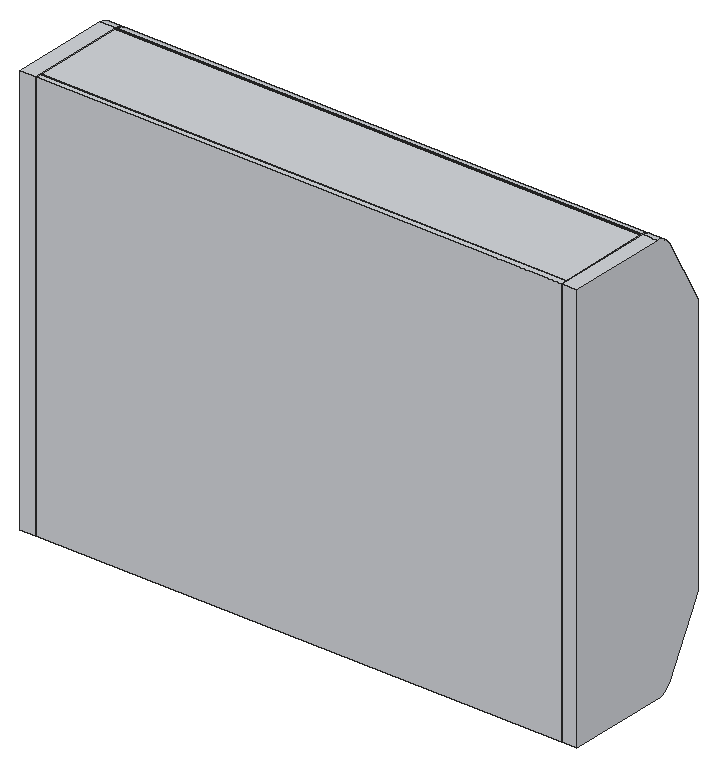
Revit family "Caspian LST 90 Mk1", category Mechanical Equipment, host Wall, Revit 2017 (continued)
Forms (mm)
  Extrusion 205, solid, material <- "Specification"
    sketch origin (-3.769, -25.562, 45.702) x (0, 1, 0) y (0, 0, 1)
      loop
        line (310.877, 552.946) -> (309.269, 555.822) -> (307.087, 554.602) -> (308.696, 551.726) -> (310.877, 552.946)
    from 210 to 250
  Extrusion 206, solid, material <- "Specification"
    sketch origin (-48.769, -25.562, 45.702) x (0, 1, 0) y (0, 0, 1)
      loop
        line (310.877, 552.946) -> (309.269, 555.822) -> (307.087, 554.602) -> (308.696, 551.726) -> (310.877, 552.946)
    from 210 to 250
  Extrusion 207, solid, material <- "Specification"
    sketch origin (41.231, -28.758, 51.415) x (0, 1, 0) y (0, 0, 1)
      loop
        line (310.877, 552.946) -> (309.269, 555.822) -> (307.087, 554.602) -> (308.696, 551.726) -> (310.877, 552.946)
    from 210 to 250
  Extrusion 208, solid, material <- "Specification"
    sketch origin (-3.769, -28.758, 51.415) x (0, 1, 0) y (0, 0, 1)
      loop
        line (310.877, 552.946) -> (309.269, 555.822) -> (307.087, 554.602) -> (308.696, 551.726) -> (310.877, 552.946)
    from 210 to 250
  Extrusion 209, solid, material <- "Specification"
    sketch origin (-48.769, -28.758, 51.415) x (0, 1, 0) y (0, 0, 1)
      loop
        line (310.877, 552.946) -> (309.269, 555.822) -> (307.087, 554.602) -> (308.696, 551.726) -> (310.877, 552.946)
    from 210 to 250
  Extrusion 210, solid, material <- "Specification"
    sketch origin (41.231, -31.953, 57.128) x (0, 1, 0) y (0, 0, 1)
      loop
        line (310.877, 552.946) -> (309.269, 555.822) -> (307.087, 554.602) -> (308.696, 551.726) -> (310.877, 552.946)
    from 210 to 250
  Extrusion 211, solid, material <- "Specification"
    sketch origin (-3.769, -31.953, 57.128) x (0, 1, 0) y (0, 0, 1)
      loop
        line (310.877, 552.946) -> (309.269, 555.822) -> (307.087, 554.602) -> (308.696, 551.726) -> (310.877, 552.946)
    from 210 to 250
  Extrusion 212, solid, material <- "Specification"
    sketch origin (-48.769, -31.953, 57.128) x (0, 1, 0) y (0, 0, 1)
      loop
        line (310.877, 552.946) -> (309.269, 555.822) -> (307.087, 554.602) -> (308.696, 551.726) -> (310.877, 552.946)
    from 210 to 250
  Extrusion 213, solid, material <- "Specification"
    sketch origin (41.231, -35.148, 62.841) x (0, 1, 0) y (0, 0, 1)
      loop
        line (310.877, 552.946) -> (309.269, 555.822) -> (307.087, 554.602) -> (308.696, 551.726) -> (310.877, 552.946)
    from 210 to 250
  Extrusion 214, solid, material <- "Specification"
    sketch origin (-3.769, -35.148, 62.841) x (0, 1, 0) y (0, 0, 1)
      loop
        line (310.877, 552.946) -> (309.269, 555.822) -> (307.087, 554.602) -> (308.696, 551.726) -> (310.877, 552.946)
    from 210 to 250
  Extrusion 215, solid, material <- "Specification"
    sketch origin (-48.769, -35.148, 62.841) x (0, 1, 0) y (0, 0, 1)
      loop
        line (310.877, 552.946) -> (309.269, 555.822) -> (307.087, 554.602) -> (308.696, 551.726) -> (310.877, 552.946)
    from 210 to 250
  Extrusion 216, solid, material <- "Specification"
    sketch origin (41.231, -38.344, 68.554) x (0, 1, 0) y (0, 0, 1)
      loop
        line (310.877, 552.946) -> (309.269, 555.822) -> (307.087, 554.602) -> (308.696, 551.726) -> (310.877, 552.946)
    from 210 to 250
  Extrusion 217, solid, material <- "Specification"
    sketch origin (-3.769, -38.344, 68.554) x (0, 1, 0) y (0, 0, 1)
      loop
        line (310.877, 552.946) -> (309.269, 555.822) -> (307.087, 554.602) -> (308.696, 551.726) -> (310.877, 552.946)
    from 210 to 250
  Extrusion 218, solid, material <- "Specification"
    sketch origin (-48.769, -38.344, 68.554) x (0, 1, 0) y (0, 0, 1)
      loop
        line (310.877, 552.946) -> (309.269, 555.822) -> (307.087, 554.602) -> (308.696, 551.726) -> (310.877, 552.946)
    from 210 to 250
  Extrusion 219, solid, material <- "Specification"
    sketch origin (41.231, -41.539, 74.266) x (0, 1, 0) y (0, 0, 1)
      loop
        line (310.877, 552.946) -> (309.269, 555.822) -> (307.087, 554.602) -> (308.696, 551.726) -> (310.877, 552.946)
    from 210 to 250
  Extrusion 220, solid, material <- "Specification"
    sketch origin (-3.769, -41.539, 74.266) x (0, 1, 0) y (0, 0, 1)
      loop
        line (310.877, 552.946) -> (309.269, 555.822) -> (307.087, 554.602) -> (308.696, 551.726) -> (310.877, 552.946)
    from 210 to 250
  Extrusion 221, solid, material <- "Specification"
    sketch origin (-48.769, -41.539, 74.266) x (0, 1, 0) y (0, 0, 1)
      loop
        line (310.877, 552.946) -> (309.269, 555.822) -> (307.087, 554.602) -> (308.696, 551.726) -> (310.877, 552.946)
    from 210 to 250
  Extrusion 222, solid, material <- "Specification"
    sketch origin (41.231, -44.734, 79.979) x (0, 1, 0) y (0, 0, 1)
      loop
        line (310.877, 552.946) -> (309.269, 555.822) -> (307.087, 554.602) -> (308.696, 551.726) -> (310.877, 552.946)
    from 210 to 250
  Extrusion 223, solid, material <- "Specification"
    sketch origin (-3.769, -44.734, 79.979) x (0, 1, 0) y (0, 0, 1)
      loop
        line (310.877, 552.946) -> (309.269, 555.822) -> (307.087, 554.602) -> (308.696, 551.726) -> (310.877, 552.946)
    from 210 to 250
  Extrusion 224, solid, material <- "Specification"
    sketch origin (-48.769, -44.734, 79.979) x (0, 1, 0) y (0, 0, 1)
      loop
        line (310.877, 552.946) -> (309.269, 555.822) -> (307.087, 554.602) -> (308.696, 551.726) -> (310.877, 552.946)
    from 210 to 250
  Extrusion 225, solid, material <- "Specification"
    sketch origin (-131.231, 0, 0) x (0, 1, 0) y (0, 0, -1)
      loop
        line (310.877, -552.946) -> (308.696, -551.726) -> (307.087, -554.602) -> (309.269, -555.822) -> (310.877, -552.946)
    from 210 to 250
  Extrusion 226, solid, material <- "Specification"
    sketch origin (-143.75, 0, 660) x (0, 1, 0) y (0, 0, -1)
      loop
        line (310.877, 552.946) -> (263.621, 637.435) -> (261.439, 636.214) -> (308.696, 551.726) -> (310.877, 552.946)
    from 247.5 to 250
  Extrusion 227, solid, material <- "Specification"
    sketch origin (-138.75, 0, 660) x (0, 1, 0) y (0, 0, -1)
      loop
        line (310.877, 552.946) -> (263.621, 637.435) -> (261.439, 636.214) -> (308.696, 551.726) -> (310.877, 552.946)
    from 247.5 to 250
  Extrusion 228, solid, material <- "Specification"
    sketch origin (-133.75, 0, 660) x (0, 1, 0) y (0, 0, -1)
      loop
        line (310.877, 552.946) -> (263.621, 637.435) -> (261.439, 636.214) -> (308.696, 551.726) -> (310.877, 552.946)
    from 247.5 to 250
  Extrusion 229, solid, material <- "Specification"
    sketch origin (-128.75, 0, 660) x (0, 1, 0) y (0, 0, -1)
      loop
        line (310.877, 552.946) -> (263.621, 637.435) -> (261.439, 636.214) -> (308.696, 551.726) -> (310.877, 552.946)
    from 247.5 to 250
  Extrusion 230, solid, material <- "Specification"
    sketch origin (-123.75, 0, 660) x (0, 1, 0) y (0, 0, -1)
      loop
        line (310.877, 552.946) -> (263.621, 637.435) -> (261.439, 636.214) -> (308.696, 551.726) -> (310.877, 552.946)
    from 247.5 to 250
  Extrusion 231, solid, material <- "Specification"
    sketch origin (-118.75, 0, 660) x (0, 1, 0) y (0, 0, -1)
      loop
        line (310.877, 552.946) -> (263.621, 637.435) -> (261.439, 636.214) -> (308.696, 551.726) -> (310.877, 552.946)
    from 247.5 to 250
  Extrusion 232, solid, material <- "Specification"
    sketch origin (-113.75, 0, 660) x (0, 1, 0) y (0, 0, -1)
      loop
        line (310.877, 552.946) -> (263.621, 637.435) -> (261.439, 636.214) -> (308.696, 551.726) -> (310.877, 552.946)
    from 247.5 to 250
  Extrusion 233, solid, material <- "Specification"
    sketch origin (-108.75, 0, 660) x (0, 1, 0) y (0, 0, -1)
      loop
        line (310.877, 552.946) -> (263.621, 637.435) -> (261.439, 636.214) -> (308.696, 551.726) -> (310.877, 552.946)
    from 247.5 to 250
  Extrusion 234, solid, material <- "Specification"
    sketch origin (-103.75, 0, 660) x (0, 1, 0) y (0, 0, -1)
      loop
        line (310.877, 552.946) -> (263.621, 637.435) -> (261.439, 636.214) -> (308.696, 551.726) -> (310.877, 552.946)
    from 247.5 to 250
  Extrusion 235, solid, material <- "Specification"
    sketch origin (-98.75, 0, 660) x (0, 1, 0) y (0, 0, -1)
      loop
        line (310.877, 552.946) -> (263.621, 637.435) -> (261.439, 636.214) -> (308.696, 551.726) -> (310.877, 552.946)
    from 247.5 to 250
  Extrusion 236, solid, material <- "Specification"
    sketch origin (-93.75, 0, 660) x (0, 1, 0) y (0, 0, -1)
      loop
        line (310.877, 552.946) -> (263.621, 637.435) -> (261.439, 636.214) -> (308.696, 551.726) -> (310.877, 552.946)
    from 247.5 to 250
  Extrusion 237, solid, material <- "Specification"
    sketch origin (-88.75, 0, 660) x (0, 1, 0) y (0, 0, -1)
      loop
        line (310.877, 552.946) -> (263.621, 637.435) -> (261.439, 636.214) -> (308.696, 551.726) -> (310.877, 552.946)
    from 247.5 to 250
  Extrusion 238, solid, material <- "Specification"
    sketch origin (-83.75, 0, 660) x (0, 1, 0) y (0, 0, -1)
      loop
        line (310.877, 552.946) -> (263.621, 637.435) -> (261.439, 636.214) -> (308.696, 551.726) -> (310.877, 552.946)
    from 247.5 to 250
  Extrusion 239, solid, material <- "Specification"
    sketch origin (-78.75, 0, 660) x (0, 1, 0) y (0, 0, -1)
      loop
        line (310.877, 552.946) -> (263.621, 637.435) -> (261.439, 636.214) -> (308.696, 551.726) -> (310.877, 552.946)
    from 247.5 to 250
  Extrusion 240, solid, material <- "Specification"
    sketch origin (-73.75, 0, 660) x (0, 1, 0) y (0, 0, -1)
      loop
        line (310.877, 552.946) -> (263.621, 637.435) -> (261.439, 636.214) -> (308.696, 551.726) -> (310.877, 552.946)
    from 247.5 to 250
  Extrusion 241, solid, material <- "Specification"
    sketch origin (-68.75, 0, 660) x (0, 1, 0) y (0, 0, -1)
      loop
        line (310.877, 552.946) -> (263.621, 637.435) -> (261.439, 636.214) -> (308.696, 551.726) -> (310.877, 552.946)
    from 247.5 to 250
  Extrusion 242, solid, material <- "Specification"
    sketch origin (-63.75, 0, 660) x (0, 1, 0) y (0, 0, -1)
      loop
        line (310.877, 552.946) -> (263.621, 637.435) -> (261.439, 636.214) -> (308.696, 551.726) -> (310.877, 552.946)
    from 247.5 to 250
  Extrusion 243, solid, material <- "Specification"
    sketch origin (-58.75, 0, 660) x (0, 1, 0) y (0, 0, -1)
      loop
        line (310.877, 552.946) -> (263.621, 637.435) -> (261.439, 636.214) -> (308.696, 551.726) -> (310.877, 552.946)
    from 247.5 to 250
  Extrusion 244, solid, material <- "Specification"
    sketch origin (96.25, 0, 660) x (0, 1, 0) y (0, 0, -1)
      loop
        line (310.877, 552.946) -> (263.621, 637.435) -> (261.439, 636.214) -> (308.696, 551.726) -> (310.877, 552.946)
    from 247.5 to 250
  Extrusion 245, solid, material <- "Specification"
    sketch origin (101.25, 0, 660) x (0, 1, 0) y (0, 0, -1)
      loop
        line (310.877, 552.946) -> (263.621, 637.435) -> (261.439, 636.214) -> (308.696, 551.726) -> (310.877, 552.946)
    from 247.5 to 250
  Extrusion 246, solid, material <- "Specification"
    sketch origin (106.25, 0, 660) x (0, 1, 0) y (0, 0, -1)
      loop
        line (310.877, 552.946) -> (263.621, 637.435) -> (261.439, 636.214) -> (308.696, 551.726) -> (310.877, 552.946)
    from 247.5 to 250
  Extrusion 247, solid, material <- "Specification"
    sketch origin (111.25, 0, 660) x (0, 1, 0) y (0, 0, -1)
      loop
        line (310.877, 552.946) -> (263.621, 637.435) -> (261.439, 636.214) -> (308.696, 551.726) -> (310.877, 552.946)
    from 247.5 to 250
  Extrusion 248, solid, material <- "Specification"
    sketch origin (116.25, 0, 660) x (0, 1, 0) y (0, 0, -1)
      loop
        line (310.877, 552.946) -> (263.621, 637.435) -> (261.439, 636.214) -> (308.696, 551.726) -> (310.877, 552.946)
    from 247.5 to 250
  Extrusion 249, solid, material <- "Specification"
    sketch origin (121.25, 0, 660) x (0, 1, 0) y (0, 0, -1)
      loop
        line (310.877, 552.946) -> (263.621, 637.435) -> (261.439, 636.214) -> (308.696, 551.726) -> (310.877, 552.946)
    from 247.5 to 250
  Extrusion 250, solid, material <- "Specification"
    sketch origin (126.25, 0, 660) x (0, 1, 0) y (0, 0, -1)
      loop
        line (310.877, 552.946) -> (263.621, 637.435) -> (261.439, 636.214) -> (308.696, 551.726) -> (310.877, 552.946)
    from 247.5 to 250
  Extrusion 251, solid, material <- "Specification"
    sketch origin (131.25, 0, 660) x (0, 1, 0) y (0, 0, -1)
      loop
        line (310.877, 552.946) -> (263.621, 637.435) -> (261.439, 636.214) -> (308.696, 551.726) -> (310.877, 552.946)
    from 247.5 to 250
  Extrusion 252, solid, material <- "Specification"
    sketch origin (136.25, 0, 660) x (0, 1, 0) y (0, 0, -1)
      loop
        line (310.877, 552.946) -> (263.621, 637.435) -> (261.439, 636.214) -> (308.696, 551.726) -> (310.877, 552.946)
    from 247.5 to 250
  Extrusion 253, solid, material <- "Specification"
    sketch origin (141.25, 0, 660) x (0, 1, 0) y (0, 0, -1)
      loop
        line (310.877, 552.946) -> (263.621, 637.435) -> (261.439, 636.214) -> (308.696, 551.726) -> (310.877, 552.946)
    from 247.5 to 250
  Extrusion 254, solid, material <- "Specification"
    sketch origin (146.25, 0, 660) x (0, 1, 0) y (0, 0, -1)
      loop
        line (310.877, 552.946) -> (263.621, 637.435) -> (261.439, 636.214) -> (308.696, 551.726) -> (310.877, 552.946)
    from 247.5 to 250
  Extrusion 255, solid, material <- "Specification"
    sketch origin (151.25, 0, 660) x (0, 1, 0) y (0, 0, -1)
      loop
        line (310.877, 552.946) -> (263.621, 637.435) -> (261.439, 636.214) -> (308.696, 551.726) -> (310.877, 552.946)
    from 247.5 to 250
  Extrusion 256, solid, material <- "Specification"
    sketch origin (156.25, 0, 660) x (0, 1, 0) y (0, 0, -1)
      loop
        line (310.877, 552.946) -> (263.621, 637.435) -> (261.439, 636.214) -> (308.696, 551.726) -> (310.877, 552.946)
    from 247.5 to 250
  Extrusion 257, solid, material <- "Specification"
    sketch origin (161.25, 0, 660) x (0, 1, 0) y (0, 0, -1)
      loop
        line (310.877, 552.946) -> (263.621, 637.435) -> (261.439, 636.214) -> (308.696, 551.726) -> (310.877, 552.946)
    from 247.5 to 250
  Extrusion 258, solid, material <- "Specification"
    sketch origin (166.25, 0, 660) x (0, 1, 0) y (0, 0, -1)
      loop
        line (310.877, 552.946) -> (263.621, 637.435) -> (261.439, 636.214) -> (308.696, 551.726) -> (310.877, 552.946)
    from 247.5 to 250
  Extrusion 259, solid, material <- "Specification"
    sketch origin (171.25, 0, 660) x (0, 1, 0) y (0, 0, -1)
      loop
        line (310.877, 552.946) -> (263.621, 637.435) -> (261.439, 636.214) -> (308.696, 551.726) -> (310.877, 552.946)
    from 247.5 to 250
  Extrusion 260, solid, material <- "Specification"
    sketch origin (176.25, 0, 660) x (0, 1, 0) y (0, 0, -1)
      loop
        line (310.877, 552.946) -> (263.621, 637.435) -> (261.439, 636.214) -> (308.696, 551.726) -> (310.877, 552.946)
    from 247.5 to 250
  Extrusion 261, solid, material <- "Specification"
    sketch origin (181.25, 0, 660) x (0, 1, 0) y (0, 0, -1)
      loop
        line (310.877, 552.946) -> (263.621, 637.435) -> (261.439, 636.214) -> (308.696, 551.726) -> (310.877, 552.946)
    from 247.5 to 250
  Extrusion 262, solid, material <- "Specification"
    sketch origin (186.25, 0, 660) x (0, 1, 0) y (0, 0, -1)
      loop
        line (310.877, 552.946) -> (263.621, 637.435) -> (261.439, 636.214) -> (308.696, 551.726) -> (310.877, 552.946)
    from 247.5 to 250
  Extrusion 263, solid, material <- "Specification"
    sketch origin (191.25, 0, 660) x (0, 1, 0) y (0, 0, -1)
      loop
        line (310.877, 552.946) -> (263.621, 637.435) -> (261.439, 636.214) -> (308.696, 551.726) -> (310.877, 552.946)
    from 247.5 to 250
  Extrusion 264, solid, material <- "Specification"
    sketch origin (196.25, 0, 660) x (0, 1, 0) y (0, 0, -1)
      loop
        line (310.877, 552.946) -> (263.621, 637.435) -> (261.439, 636.214) -> (308.696, 551.726) -> (310.877, 552.946)
    from 247.5 to 250
  Extrusion 265, solid, material <- "Specification"
    sketch origin (201.25, 0, 660) x (0, 1, 0) y (0, 0, -1)
      loop
        line (310.877, 552.946) -> (263.621, 637.435) -> (261.439, 636.214) -> (308.696, 551.726) -> (310.877, 552.946)
    from 247.5 to 250
  Extrusion 266, solid, material <- "Specification"
    sketch origin (206.25, 0, 660) x (0, 1, 0) y (0, 0, -1)
      loop
        line (310.877, 552.946) -> (263.621, 637.435) -> (261.439, 636.214) -> (308.696, 551.726) -> (310.877, 552.946)
    from 247.5 to 250
  Extrusion 267, solid, material <- "Specification"
    sketch origin (211.25, 0, 660) x (0, 1, 0) y (0, 0, -1)
      loop
        line (310.877, 552.946) -> (263.621, 637.435) -> (261.439, 636.214) -> (308.696, 551.726) -> (310.877, 552.946)
    from 247.5 to 250
  Extrusion 268, solid, material <- "Specification"
    sketch origin (216.25, 0, 660) x (0, 1, 0) y (0, 0, -1)
      loop
        line (310.877, 552.946) -> (263.621, 637.435) -> (261.439, 636.214) -> (308.696, 551.726) -> (310.877, 552.946)
    from 247.5 to 250
  Extrusion 269, solid, material <- "Specification"
    sketch origin (221.25, 0, 660) x (0, 1, 0) y (0, 0, -1)
      loop
        line (310.877, 552.946) -> (263.621, 637.435) -> (261.439, 636.214) -> (308.696, 551.726) -> (310.877, 552.946)
    from 247.5 to 250
  Extrusion 270, solid, material <- "Specification"
    sketch origin (226.25, 0, 660) x (0, 1, 0) y (0, 0, -1)
      loop
        line (310.877, 552.946) -> (263.621, 637.435) -> (261.439, 636.214) -> (308.696, 551.726) -> (310.877, 552.946)
    from 247.5 to 250
  Extrusion 271, solid, material <- "Specification"
    sketch origin (231.25, 0, 660) x (0, 1, 0) y (0, 0, -1)
      loop
        line (310.877, 552.946) -> (263.621, 637.435) -> (261.439, 636.214) -> (308.696, 551.726) -> (310.877, 552.946)
    from 247.5 to 250
  Extrusion 272, solid, material <- "Specification"
    sketch origin (236.25, 0, 660) x (0, 1, 0) y (0, 0, -1)
      loop
        line (310.877, 552.946) -> (263.621, 637.435) -> (261.439, 636.214) -> (308.696, 551.726) -> (310.877, 552.946)
    from 247.5 to 250
  Extrusion 273, solid, material <- "Specification"
    sketch origin (241.231, 0.436, 660) x (0, 1, 0) y (0, 0, -1)
      loop
        line (310.877, 552.946) -> (263.621, 637.435) -> (261.439, 636.214) -> (308.696, 551.726) -> (310.877, 552.946)
    from 247.5 to 250
  Extrusion 274, solid, material <- "Specification"
    sketch origin (246.231, 0.436, 660) x (0, 1, 0) y (0, 0, -1)
      loop
        line (310.877, 552.946) -> (263.621, 637.435) -> (261.439, 636.214) -> (308.696, 551.726) -> (310.877, 552.946)
    from 247.5 to 250
  Extrusion 275, solid, material <- "Specification"
    sketch origin (-86.231, 0, 0) x (0, 1, 0) y (0, 0, -1)
      loop
        line (310.877, -552.946) -> (308.696, -551.726) -> (307.087, -554.602) -> (309.269, -555.822) -> (310.877, -552.946)
    from 210 to 250
  Extrusion 276, solid, material <- "Specification"
    sketch origin (93.769, 0, 0) x (0, 1, 0) y (0, 0, -1)
      loop
        line (310.877, -552.946) -> (308.696, -551.726) -> (307.087, -554.602) -> (309.269, -555.822) -> (310.877, -552.946)
    from 210 to 250
  Extrusion 277, solid, material <- "Specification"
    sketch origin (138.769, 0, 0) x (0, 1, 0) y (0, 0, -1)
      loop
        line (310.877, -552.946) -> (308.696, -551.726) -> (307.087, -554.602) -> (309.269, -555.822) -> (310.877, -552.946)
    from 210 to 250
  Extrusion 278, solid, material <- "Specification"
    sketch origin (183.769, 0, 0) x (0, 1, 0) y (0, 0, -1)
      loop
        line (310.877, -552.946) -> (308.696, -551.726) -> (307.087, -554.602) -> (309.269, -555.822) -> (310.877, -552.946)
    from 210 to 250
  Extrusion 279, solid, material <- "Specification"
    sketch origin (-131.231, -3.195, 5.713) x (0, 1, 0) y (0, 0, -1)
      loop
        line (310.877, -552.946) -> (308.696, -551.726) -> (307.087, -554.602) -> (309.269, -555.822) -> (310.877, -552.946)
    from 210 to 250
  Extrusion 280, solid, material <- "Specification"
    sketch origin (-86.231, -3.195, 5.713) x (0, 1, 0) y (0, 0, -1)
      loop
        line (310.877, -552.946) -> (308.696, -551.726) -> (307.087, -554.602) -> (309.269, -555.822) -> (310.877, -552.946)
    from 210 to 250
  Extrusion 281, solid, material <- "Specification"
    sketch origin (93.769, -3.195, 5.713) x (0, 1, 0) y (0, 0, -1)
      loop
        line (310.877, -552.946) -> (308.696, -551.726) -> (307.087, -554.602) -> (309.269, -555.822) -> (310.877, -552.946)
    from 210 to 250
  Extrusion 282, solid, material <- "Specification"
    sketch origin (138.769, -3.195, 5.713) x (0, 1, 0) y (0, 0, -1)
      loop
        line (310.877, -552.946) -> (308.696, -551.726) -> (307.087, -554.602) -> (309.269, -555.822) -> (310.877, -552.946)
    from 210 to 250
  Extrusion 283, solid, material <- "Specification"
    sketch origin (183.769, -3.195, 5.713) x (0, 1, 0) y (0, 0, -1)
      loop
        line (310.877, -552.946) -> (308.696, -551.726) -> (307.087, -554.602) -> (309.269, -555.822) -> (310.877, -552.946)
    from 210 to 250
  Extrusion 284, solid, material <- "Specification"
    sketch origin (-131.231, -6.391, 11.426) x (0, 1, 0) y (0, 0, -1)
      loop
        line (310.877, -552.946) -> (308.696, -551.726) -> (307.087, -554.602) -> (309.269, -555.822) -> (310.877, -552.946)
    from 210 to 250
  Extrusion 285, solid, material <- "Specification"
    sketch origin (-86.231, -6.391, 11.426) x (0, 1, 0) y (0, 0, -1)
      loop
        line (310.877, -552.946) -> (308.696, -551.726) -> (307.087, -554.602) -> (309.269, -555.822) -> (310.877, -552.946)
    from 210 to 250
  Extrusion 286, solid, material <- "Specification"
    sketch origin (93.769, -6.391, 11.426) x (0, 1, 0) y (0, 0, -1)
      loop
        line (310.877, -552.946) -> (308.696, -551.726) -> (307.087, -554.602) -> (309.269, -555.822) -> (310.877, -552.946)
    from 210 to 250
  Extrusion 287, solid, material <- "Specification"
    sketch origin (138.769, -6.391, 11.426) x (0, 1, 0) y (0, 0, -1)
      loop
        line (310.877, -552.946) -> (308.696, -551.726) -> (307.087, -554.602) -> (309.269, -555.822) -> (310.877, -552.946)
    from 210 to 250
  Extrusion 288, solid, material <- "Specification"
    sketch origin (183.769, -6.391, 11.426) x (0, 1, 0) y (0, 0, -1)
      loop
        line (310.877, -552.946) -> (308.696, -551.726) -> (307.087, -554.602) -> (309.269, -555.822) -> (310.877, -552.946)
    from 210 to 250
  Extrusion 289, solid, material <- "Specification"
    sketch origin (-131.231, -9.586, 17.138) x (0, 1, 0) y (0, 0, -1)
      loop
        line (310.877, -552.946) -> (308.696, -551.726) -> (307.087, -554.602) -> (309.269, -555.822) -> (310.877, -552.946)
    from 210 to 250
  Extrusion 290, solid, material <- "Specification"
    sketch origin (-86.231, -9.586, 17.138) x (0, 1, 0) y (0, 0, -1)
      loop
        line (310.877, -552.946) -> (308.696, -551.726) -> (307.087, -554.602) -> (309.269, -555.822) -> (310.877, -552.946)
    from 210 to 250
  Extrusion 291, solid, material <- "Specification"
    sketch origin (93.769, -9.586, 17.138) x (0, 1, 0) y (0, 0, -1)
      loop
        line (310.877, -552.946) -> (308.696, -551.726) -> (307.087, -554.602) -> (309.269, -555.822) -> (310.877, -552.946)
    from 210 to 250
  Extrusion 292, solid, material <- "Specification"
    sketch origin (138.769, -9.586, 17.138) x (0, 1, 0) y (0, 0, -1)
      loop
        line (310.877, -552.946) -> (308.696, -551.726) -> (307.087, -554.602) -> (309.269, -555.822) -> (310.877, -552.946)
    from 210 to 250
  Extrusion 293, solid, material <- "Specification"
    sketch origin (183.769, -9.586, 17.138) x (0, 1, 0) y (0, 0, -1)
      loop
        line (310.877, -552.946) -> (308.696, -551.726) -> (307.087, -554.602) -> (309.269, -555.822) -> (310.877, -552.946)
    from 210 to 250
  Extrusion 294, solid, material <- "Specification"
    sketch origin (-131.231, -12.781, 22.851) x (0, 1, 0) y (0, 0, -1)
      loop
        line (310.877, -552.946) -> (308.696, -551.726) -> (307.087, -554.602) -> (309.269, -555.822) -> (310.877, -552.946)
    from 210 to 250
  Extrusion 295, solid, material <- "Specification"
    sketch origin (-86.231, -12.781, 22.851) x (0, 1, 0) y (0, 0, -1)
      loop
        line (310.877, -552.946) -> (308.696, -551.726) -> (307.087, -554.602) -> (309.269, -555.822) -> (310.877, -552.946)
    from 210 to 250
  Extrusion 296, solid, material <- "Specification"
    sketch origin (93.769, -12.781, 22.851) x (0, 1, 0) y (0, 0, -1)
      loop
        line (310.877, -552.946) -> (308.696, -551.726) -> (307.087, -554.602) -> (309.269, -555.822) -> (310.877, -552.946)
    from 210 to 250
  Extrusion 297, solid, material <- "Specification"
    sketch origin (138.769, -12.781, 22.851) x (0, 1, 0) y (0, 0, -1)
      loop
        line (310.877, -552.946) -> (308.696, -551.726) -> (307.087, -554.602) -> (309.269, -555.822) -> (310.877, -552.946)
    from 210 to 250
  Extrusion 298, solid, material <- "Specification"
    sketch origin (183.769, -12.781, 22.851) x (0, 1, 0) y (0, 0, -1)
      loop
        line (310.877, -552.946) -> (308.696, -551.726) -> (307.087, -554.602) -> (309.269, -555.822) -> (310.877, -552.946)
    from 210 to 250
  Extrusion 299, solid, material <- "Specification"
    sketch origin (-131.231, -15.976, 28.564) x (0, 1, 0) y (0, 0, -1)
      loop
        line (310.877, -552.946) -> (308.696, -551.726) -> (307.087, -554.602) -> (309.269, -555.822) -> (310.877, -552.946)
    from 210 to 250
  Extrusion 300, solid, material <- "Specification"
    sketch origin (-86.231, -15.976, 28.564) x (0, 1, 0) y (0, 0, -1)
      loop
        line (310.877, -552.946) -> (308.696, -551.726) -> (307.087, -554.602) -> (309.269, -555.822) -> (310.877, -552.946)
    from 210 to 250
  Extrusion 301, solid, material <- "Specification"
    sketch origin (93.769, -15.976, 28.564) x (0, 1, 0) y (0, 0, -1)
      loop
        line (310.877, -552.946) -> (308.696, -551.726) -> (307.087, -554.602) -> (309.269, -555.822) -> (310.877, -552.946)
    from 210 to 250
  Extrusion 302, solid, material <- "Specification"
    sketch origin (138.769, -15.976, 28.564) x (0, 1, 0) y (0, 0, -1)
      loop
        line (310.877, -552.946) -> (308.696, -551.726) -> (307.087, -554.602) -> (309.269, -555.822) -> (310.877, -552.946)
    from 210 to 250
  Extrusion 303, solid, material <- "Specification"
    sketch origin (183.769, -15.976, 28.564) x (0, 1, 0) y (0, 0, -1)
      loop
        line (310.877, -552.946) -> (308.696, -551.726) -> (307.087, -554.602) -> (309.269, -555.822) -> (310.877, -552.946)
    from 210 to 250
  Extrusion 304, solid, material <- "Specification"
    sketch origin (-131.231, -19.172, 34.277) x (0, 1, 0) y (0, 0, -1)
      loop
        line (310.877, -552.946) -> (308.696, -551.726) -> (307.087, -554.602) -> (309.269, -555.822) -> (310.877, -552.946)
    from 210 to 250
  Extrusion 305, solid, material <- "Specification"
    sketch origin (-86.231, -19.172, 34.277) x (0, 1, 0) y (0, 0, -1)
      loop
        line (310.877, -552.946) -> (308.696, -551.726) -> (307.087, -554.602) -> (309.269, -555.822) -> (310.877, -552.946)
    from 210 to 250
  Extrusion 306, solid, material <- "Specification"
    sketch origin (93.769, -19.172, 34.277) x (0, 1, 0) y (0, 0, -1)
      loop
        line (310.877, -552.946) -> (308.696, -551.726) -> (307.087, -554.602) -> (309.269, -555.822) -> (310.877, -552.946)
    from 210 to 250
  Extrusion 307, solid, material <- "Specification"
    sketch origin (138.769, -19.172, 34.277) x (0, 1, 0) y (0, 0, -1)
      loop
        line (310.877, -552.946) -> (308.696, -551.726) -> (307.087, -554.602) -> (309.269, -555.822) -> (310.877, -552.946)
    from 210 to 250
  Extrusion 308, solid, material <- "Specification"
    sketch origin (183.769, -19.172, 34.277) x (0, 1, 0) y (0, 0, -1)
      loop
        line (310.877, -552.946) -> (308.696, -551.726) -> (307.087, -554.602) -> (309.269, -555.822) -> (310.877, -552.946)
    from 210 to 250
  Extrusion 309, solid, material <- "Specification"
    sketch origin (-131.231, -22.367, 39.99) x (0, 1, 0) y (0, 0, -1)
      loop
        line (310.877, -552.946) -> (308.696, -551.726) -> (307.087, -554.602) -> (309.269, -555.822) -> (310.877, -552.946)
    from 210 to 250
  Extrusion 310, solid, material <- "Specification"
    sketch origin (-86.231, -22.367, 39.99) x (0, 1, 0) y (0, 0, -1)
      loop
        line (310.877, -552.946) -> (308.696, -551.726) -> (307.087, -554.602) -> (309.269, -555.822) -> (310.877, -552.946)
    from 210 to 250
  Extrusion 311, solid, material <- "Specification"
    sketch origin (93.769, -22.367, 39.99) x (0, 1, 0) y (0, 0, -1)
      loop
        line (310.877, -552.946) -> (308.696, -551.726) -> (307.087, -554.602) -> (309.269, -555.822) -> (310.877, -552.946)
    from 210 to 250
  Extrusion 312, solid, material <- "Specification"
    sketch origin (138.769, -22.367, 39.99) x (0, 1, 0) y (0, 0, -1)
      loop
        line (310.877, -552.946) -> (308.696, -551.726) -> (307.087, -554.602) -> (309.269, -555.822) -> (310.877, -552.946)
    from 210 to 250
  Extrusion 313, solid, material <- "Specification"
    sketch origin (183.769, -22.367, 39.99) x (0, 1, 0) y (0, 0, -1)
      loop
        line (310.877, -552.946) -> (308.696, -551.726) -> (307.087, -554.602) -> (309.269, -555.822) -> (310.877, -552.946)
    from 210 to 250
  Extrusion 314, solid, material <- "Specification"
    sketch origin (-131.231, -25.562, 45.702) x (0, 1, 0) y (0, 0, -1)
      loop
        line (310.877, -552.946) -> (308.696, -551.726) -> (307.087, -554.602) -> (309.269, -555.822) -> (310.877, -552.946)
    from 210 to 250
  Extrusion 315, solid, material <- "Specification"
    sketch origin (-86.231, -25.562, 45.702) x (0, 1, 0) y (0, 0, -1)
      loop
        line (310.877, -552.946) -> (308.696, -551.726) -> (307.087, -554.602) -> (309.269, -555.822) -> (310.877, -552.946)
    from 210 to 250
  Extrusion 316, solid, material <- "Specification"
    sketch origin (93.769, -25.562, 45.702) x (0, 1, 0) y (0, 0, -1)
      loop
        line (310.877, -552.946) -> (308.696, -551.726) -> (307.087, -554.602) -> (309.269, -555.822) -> (310.877, -552.946)
    from 210 to 250
  Extrusion 317, solid, material <- "Specification"
    sketch origin (138.769, -25.562, 45.702) x (0, 1, 0) y (0, 0, -1)
      loop
        line (310.877, -552.946) -> (308.696, -551.726) -> (307.087, -554.602) -> (309.269, -555.822) -> (310.877, -552.946)
    from 210 to 250
  Extrusion 318, solid, material <- "Specification"
    sketch origin (183.769, -25.562, 45.702) x (0, 1, 0) y (0, 0, -1)
      loop
        line (310.877, -552.946) -> (308.696, -551.726) -> (307.087, -554.602) -> (309.269, -555.822) -> (310.877, -552.946)
    from 210 to 250
  Extrusion 319, solid, material <- "Specification"
    sketch origin (-131.231, -28.758, 51.415) x (0, 1, 0) y (0, 0, -1)
      loop
        line (310.877, -552.946) -> (308.696, -551.726) -> (307.087, -554.602) -> (309.269, -555.822) -> (310.877, -552.946)
    from 210 to 250
  Extrusion 320, solid, material <- "Specification"
    sketch origin (-86.231, -28.758, 51.415) x (0, 1, 0) y (0, 0, -1)
      loop
        line (310.877, -552.946) -> (308.696, -551.726) -> (307.087, -554.602) -> (309.269, -555.822) -> (310.877, -552.946)
    from 210 to 250
  Extrusion 321, solid, material <- "Specification"
    sketch origin (93.769, -28.758, 51.415) x (0, 1, 0) y (0, 0, -1)
      loop
        line (310.877, -552.946) -> (308.696, -551.726) -> (307.087, -554.602) -> (309.269, -555.822) -> (310.877, -552.946)
    from 210 to 250
  Extrusion 322, solid, material <- "Specification"
    sketch origin (138.769, -28.758, 51.415) x (0, 1, 0) y (0, 0, -1)
      loop
        line (310.877, -552.946) -> (308.696, -551.726) -> (307.087, -554.602) -> (309.269, -555.822) -> (310.877, -552.946)
    from 210 to 250
  Extrusion 323, solid, material <- "Specification"
    sketch origin (183.769, -28.758, 51.415) x (0, 1, 0) y (0, 0, -1)
      loop
        line (310.877, -552.946) -> (308.696, -551.726) -> (307.087, -554.602) -> (309.269, -555.822) -> (310.877, -552.946)
    from 210 to 250
  Extrusion 324, solid, material <- "Specification"
    sketch origin (-131.231, -31.953, 57.128) x (0, 1, 0) y (0, 0, -1)
      loop
        line (310.877, -552.946) -> (308.696, -551.726) -> (307.087, -554.602) -> (309.269, -555.822) -> (310.877, -552.946)
    from 210 to 250
  Extrusion 325, solid, material <- "Specification"
    sketch origin (-86.231, -31.953, 57.128) x (0, 1, 0) y (0, 0, -1)
      loop
        line (310.877, -552.946) -> (308.696, -551.726) -> (307.087, -554.602) -> (309.269, -555.822) -> (310.877, -552.946)
    from 210 to 250
  Extrusion 326, solid, material <- "Specification"
    sketch origin (93.769, -31.953, 57.128) x (0, 1, 0) y (0, 0, -1)
      loop
        line (310.877, -552.946) -> (308.696, -551.726) -> (307.087, -554.602) -> (309.269, -555.822) -> (310.877, -552.946)
    from 210 to 250
  Extrusion 327, solid, material <- "Specification"
    sketch origin (138.769, -31.953, 57.128) x (0, 1, 0) y (0, 0, -1)
      loop
        line (310.877, -552.946) -> (308.696, -551.726) -> (307.087, -554.602) -> (309.269, -555.822) -> (310.877, -552.946)
    from 210 to 250
  Extrusion 328, solid, material <- "Specification"
    sketch origin (183.769, -31.953, 57.128) x (0, 1, 0) y (0, 0, -1)
      loop
        line (310.877, -552.946) -> (308.696, -551.726) -> (307.087, -554.602) -> (309.269, -555.822) -> (310.877, -552.946)
    from 210 to 250
  Extrusion 329, solid, material <- "Specification"
    sketch origin (-131.231, -35.148, 62.841) x (0, 1, 0) y (0, 0, -1)
      loop
        line (310.877, -552.946) -> (308.696, -551.726) -> (307.087, -554.602) -> (309.269, -555.822) -> (310.877, -552.946)
    from 210 to 250
  Extrusion 330, solid, material <- "Specification"
    sketch origin (-86.231, -35.148, 62.841) x (0, 1, 0) y (0, 0, -1)
      loop
        line (310.877, -552.946) -> (308.696, -551.726) -> (307.087, -554.602) -> (309.269, -555.822) -> (310.877, -552.946)
    from 210 to 250
  Extrusion 331, solid, material <- "Specification"
    sketch origin (93.769, -35.148, 62.841) x (0, 1, 0) y (0, 0, -1)
      loop
        line (310.877, -552.946) -> (308.696, -551.726) -> (307.087, -554.602) -> (309.269, -555.822) -> (310.877, -552.946)
    from 210 to 250
  Extrusion 332, solid, material <- "Specification"
    sketch origin (138.769, -35.148, 62.841) x (0, 1, 0) y (0, 0, -1)
      loop
        line (310.877, -552.946) -> (308.696, -551.726) -> (307.087, -554.602) -> (309.269, -555.822) -> (310.877, -552.946)
    from 210 to 250
  Extrusion 333, solid, material <- "Specification"
    sketch origin (183.769, -35.148, 62.841) x (0, 1, 0) y (0, 0, -1)
      loop
        line (310.877, -552.946) -> (308.696, -551.726) -> (307.087, -554.602) -> (309.269, -555.822) -> (310.877, -552.946)
    from 210 to 250
  Extrusion 334, solid, material <- "Specification"
    sketch origin (-131.231, -38.344, 68.554) x (0, 1, 0) y (0, 0, -1)
      loop
        line (310.877, -552.946) -> (308.696, -551.726) -> (307.087, -554.602) -> (309.269, -555.822) -> (310.877, -552.946)
    from 210 to 250
  Extrusion 335, solid, material <- "Specification"
    sketch origin (-86.231, -38.344, 68.554) x (0, 1, 0) y (0, 0, -1)
      loop
        line (310.877, -552.946) -> (308.696, -551.726) -> (307.087, -554.602) -> (309.269, -555.822) -> (310.877, -552.946)
    from 210 to 250
  Extrusion 336, solid, material <- "Specification"
    sketch origin (93.769, -38.344, 68.554) x (0, 1, 0) y (0, 0, -1)
      loop
        line (310.877, -552.946) -> (308.696, -551.726) -> (307.087, -554.602) -> (309.269, -555.822) -> (310.877, -552.946)
    from 210 to 250
  Extrusion 337, solid, material <- "Specification"
    sketch origin (138.769, -38.344, 68.554) x (0, 1, 0) y (0, 0, -1)
      loop
        line (310.877, -552.946) -> (308.696, -551.726) -> (307.087, -554.602) -> (309.269, -555.822) -> (310.877, -552.946)
    from 210 to 250
  Extrusion 338, solid, material <- "Specification"
    sketch origin (183.769, -38.344, 68.554) x (0, 1, 0) y (0, 0, -1)
      loop
        line (310.877, -552.946) -> (308.696, -551.726) -> (307.087, -554.602) -> (309.269, -555.822) -> (310.877, -552.946)
    from 210 to 250
  Extrusion 339, solid, material <- "Specification"
    sketch origin (-131.231, -41.539, 74.266) x (0, 1, 0) y (0, 0, -1)
      loop
        line (310.877, -552.946) -> (308.696, -551.726) -> (307.087, -554.602) -> (309.269, -555.822) -> (310.877, -552.946)
    from 210 to 250
  Extrusion 340, solid, material <- "Specification"
    sketch origin (-86.231, -41.539, 74.266) x (0, 1, 0) y (0, 0, -1)
      loop
        line (310.877, -552.946) -> (308.696, -551.726) -> (307.087, -554.602) -> (309.269, -555.822) -> (310.877, -552.946)
    from 210 to 250
  Extrusion 341, solid, material <- "Specification"
    sketch origin (93.769, -41.539, 74.266) x (0, 1, 0) y (0, 0, -1)
      loop
        line (310.877, -552.946) -> (308.696, -551.726) -> (307.087, -554.602) -> (309.269, -555.822) -> (310.877, -552.946)
    from 210 to 250
  Extrusion 342, solid, material <- "Specification"
    sketch origin (138.769, -41.539, 74.266) x (0, 1, 0) y (0, 0, -1)
      loop
        line (310.877, -552.946) -> (308.696, -551.726) -> (307.087, -554.602) -> (309.269, -555.822) -> (310.877, -552.946)
    from 210 to 250
  Extrusion 343, solid, material <- "Specification"
    sketch origin (183.769, -41.539, 74.266) x (0, 1, 0) y (0, 0, -1)
      loop
        line (310.877, -552.946) -> (308.696, -551.726) -> (307.087, -554.602) -> (309.269, -555.822) -> (310.877, -552.946)
    from 210 to 250
  Extrusion 344, solid, material <- "Specification"
    sketch origin (-131.231, -44.734, 79.979) x (0, 1, 0) y (0, 0, -1)
      loop
        line (310.877, -552.946) -> (308.696, -551.726) -> (307.087, -554.602) -> (309.269, -555.822) -> (310.877, -552.946)
    from 210 to 250
  Extrusion 345, solid, material <- "Specification"
    sketch origin (-86.231, -44.734, 79.979) x (0, 1, 0) y (0, 0, -1)
      loop
        line (310.877, -552.946) -> (308.696, -551.726) -> (307.087, -554.602) -> (309.269, -555.822) -> (310.877, -552.946)
    from 210 to 250
  Extrusion 346, solid, material <- "Specification"
    sketch origin (93.769, -44.734, 79.979) x (0, 1, 0) y (0, 0, -1)
      loop
        line (310.877, -552.946) -> (308.696, -551.726) -> (307.087, -554.602) -> (309.269, -555.822) -> (310.877, -552.946)
    from 210 to 250
  Extrusion 347, solid, material <- "Specification"
    sketch origin (138.769, -44.734, 79.979) x (0, 1, 0) y (0, 0, -1)
      loop
        line (310.877, -552.946) -> (308.696, -551.726) -> (307.087, -554.602) -> (309.269, -555.822) -> (310.877, -552.946)
    from 210 to 250
  Extrusion 348, solid, material <- "Specification"
    sketch origin (183.769, -44.734, 79.979) x (0, 1, 0) y (0, 0, -1)
      loop
        line (310.877, -552.946) -> (308.696, -551.726) -> (307.087, -554.602) -> (309.269, -555.822) -> (310.877, -552.946)
    from 210 to 250
  Extrusion 349, solid, material <- "Specification"
    sketch origin (-28.75, 0, 660) x (0, 1, 0) y (0, 0, -1)
      loop
        line (310.877, 552.946) -> (263.621, 637.435) -> (261.439, 636.214) -> (308.696, 551.726) -> (310.877, 552.946)
    from 247.5 to 250
  Extrusion 350, solid, material <- "Specification"
    sketch origin (-23.75, 0, 660) x (0, 1, 0) y (0, 0, -1)
      loop
        line (310.877, 552.946) -> (263.621, 637.435) -> (261.439, 636.214) -> (308.696, 551.726) -> (310.877, 552.946)
    from 247.5 to 250
  Extrusion 351, solid, material <- "Specification"
    sketch origin (-18.75, 0, 660) x (0, 1, 0) y (0, 0, -1)
      loop
        line (310.877, 552.946) -> (263.621, 637.435) -> (261.439, 636.214) -> (308.696, 551.726) -> (310.877, 552.946)
    from 247.5 to 250
  Extrusion 352, solid, material <- "Specification"
    sketch origin (-13.75, 0, 660) x (0, 1, 0) y (0, 0, -1)
      loop
        line (310.877, 552.946) -> (263.621, 637.435) -> (261.439, 636.214) -> (308.696, 551.726) -> (310.877, 552.946)
    from 247.5 to 250
  Extrusion 353, solid, material <- "Specification"
    sketch origin (-8.75, 0, 660) x (0, 1, 0) y (0, 0, -1)
      loop
        line (310.877, 552.946) -> (263.621, 637.435) -> (261.439, 636.214) -> (308.696, 551.726) -> (310.877, 552.946)
    from 247.5 to 250
  Extrusion 354, solid, material <- "Specification"
    sketch origin (-3.75, 0, 660) x (0, 1, 0) y (0, 0, -1)
      loop
        line (310.877, 552.946) -> (263.621, 637.435) -> (261.439, 636.214) -> (308.696, 551.726) -> (310.877, 552.946)
    from 247.5 to 250
  Extrusion 355, solid, material <- "Specification"
    sketch origin (1.25, 0, 660) x (0, 1, 0) y (0, 0, -1)
      loop
        line (310.877, 552.946) -> (263.621, 637.435) -> (261.439, 636.214) -> (308.696, 551.726) -> (310.877, 552.946)
    from 247.5 to 250
  Extrusion 356, solid, material <- "Specification"
    sketch origin (6.25, 0, 660) x (0, 1, 0) y (0, 0, -1)
      loop
        line (310.877, 552.946) -> (263.621, 637.435) -> (261.439, 636.214) -> (308.696, 551.726) -> (310.877, 552.946)
    from 247.5 to 250
  Extrusion 357, solid, material <- "Specification"
    sketch origin (11.25, 0, 660) x (0, 1, 0) y (0, 0, -1)
      loop
        line (310.877, 552.946) -> (263.621, 637.435) -> (261.439, 636.214) -> (308.696, 551.726) -> (310.877, 552.946)
    from 247.5 to 250
  Extrusion 358, solid, material <- "Specification"
    sketch origin (16.25, 0, 660) x (0, 1, 0) y (0, 0, -1)
      loop
        line (310.877, 552.946) -> (263.621, 637.435) -> (261.439, 636.214) -> (308.696, 551.726) -> (310.877, 552.946)
    from 247.5 to 250
  Extrusion 359, solid, material <- "Specification"
    sketch origin (21.25, 0, 660) x (0, 1, 0) y (0, 0, -1)
      loop
        line (310.877, 552.946) -> (263.621, 637.435) -> (261.439, 636.214) -> (308.696, 551.726) -> (310.877, 552.946)
    from 247.5 to 250
  Extrusion 360, solid, material <- "Specification"
    sketch origin (26.25, 0, 660) x (0, 1, 0) y (0, 0, -1)
      loop
        line (310.877, 552.946) -> (263.621, 637.435) -> (261.439, 636.214) -> (308.696, 551.726) -> (310.877, 552.946)
    from 247.5 to 250
  Extrusion 361, solid, material <- "Specification"
    sketch origin (31.25, 0, 660) x (0, 1, 0) y (0, 0, -1)
      loop
        line (310.877, 552.946) -> (263.621, 637.435) -> (261.439, 636.214) -> (308.696, 551.726) -> (310.877, 552.946)
    from 247.5 to 250
  Extrusion 362, solid, material <- "Specification"
    sketch origin (36.25, 0, 660) x (0, 1, 0) y (0, 0, -1)
      loop
        line (310.877, 552.946) -> (263.621, 637.435) -> (261.439, 636.214) -> (308.696, 551.726) -> (310.877, 552.946)
    from 247.5 to 250
  Extrusion 363, solid, material <- "Specification"
    sketch origin (41.25, 0, 660) x (0, 1, 0) y (0, 0, -1)
      loop
        line (310.877, 552.946) -> (263.621, 637.435) -> (261.439, 636.214) -> (308.696, 551.726) -> (310.877, 552.946)
    from 247.5 to 250
  Extrusion 364, solid, material <- "Specification"
    sketch origin (46.25, 0, 660) x (0, 1, 0) y (0, 0, -1)
      loop
        line (310.877, 552.946) -> (263.621, 637.435) -> (261.439, 636.214) -> (308.696, 551.726) -> (310.877, 552.946)
    from 247.5 to 250
  Extrusion 365, solid, material <- "Specification"
    sketch origin (51.25, 0, 660) x (0, 1, 0) y (0, 0, -1)
      loop
        line (310.877, 552.946) -> (263.621, 637.435) -> (261.439, 636.214) -> (308.696, 551.726) -> (310.877, 552.946)
    from 247.5 to 250
  Extrusion 366, solid, material <- "Specification"
    sketch origin (56.25, 0, 660) x (0, 1, 0) y (0, 0, -1)
      loop
        line (310.877, 552.946) -> (263.621, 637.435) -> (261.439, 636.214) -> (308.696, 551.726) -> (310.877, 552.946)
    from 247.5 to 250
  Extrusion 367, solid, material <- "Specification"
    sketch origin (61.25, 0, 660) x (0, 1, 0) y (0, 0, -1)
      loop
        line (310.877, 552.946) -> (263.621, 637.435) -> (261.439, 636.214) -> (308.696, 551.726) -> (310.877, 552.946)
    from 247.5 to 250
  Extrusion 368, solid, material <- "Specification"
    sketch origin (66.25, 0, 660) x (0, 1, 0) y (0, 0, -1)
      loop
        line (310.877, 552.946) -> (263.621, 637.435) -> (261.439, 636.214) -> (308.696, 551.726) -> (310.877, 552.946)
    from 247.5 to 250
  Extrusion 369, solid, material <- "Specification"
    sketch origin (71.25, 0, 660) x (0, 1, 0) y (0, 0, -1)
      loop
        line (310.877, 552.946) -> (263.621, 637.435) -> (261.439, 636.214) -> (308.696, 551.726) -> (310.877, 552.946)
    from 247.5 to 250
  Extrusion 370, solid, material <- "Specification"
    sketch origin (76.25, 0, 660) x (0, 1, 0) y (0, 0, -1)
      loop
        line (310.877, 552.946) -> (263.621, 637.435) -> (261.439, 636.214) -> (308.696, 551.726) -> (310.877, 552.946)
    from 247.5 to 250
  Extrusion 371, solid, material <- "Specification"
    sketch origin (81.25, 0, 660) x (0, 1, 0) y (0, 0, -1)
      loop
        line (310.877, 552.946) -> (263.621, 637.435) -> (261.439, 636.214) -> (308.696, 551.726) -> (310.877, 552.946)
    from 247.5 to 250
  Extrusion 372, solid, material <- "Specification"
    sketch origin (86.25, 0, 660) x (0, 1, 0) y (0, 0, -1)
      loop
        line (310.877, 552.946) -> (263.621, 637.435) -> (261.439, 636.214) -> (308.696, 551.726) -> (310.877, 552.946)
    from 247.5 to 250
  Extrusion 373, solid, material <- "Specification"
    sketch origin (91.25, 0, 660) x (0, 1, 0) y (0, 0, -1)
      loop
        line (310.877, 552.946) -> (263.621, 637.435) -> (261.439, 636.214) -> (308.696, 551.726) -> (310.877, 552.946)
    from 247.5 to 250
  Extrusion 374, solid, material <- "Specification"
    sketch origin (-48.75, 0, 660) x (0, 1, 0) y (0, 0, -1)
      loop
        line (310.877, 552.946) -> (263.621, 637.435) -> (261.439, 636.214) -> (308.696, 551.726) -> (310.877, 552.946)
    from 247.5 to 250
  Extrusion 375, solid, material <- "Specification"
    sketch origin (-43.75, 0, 660) x (0, 1, 0) y (0, 0, -1)
      loop
        line (310.877, 552.946) -> (263.621, 637.435) -> (261.439, 636.214) -> (308.696, 551.726) -> (310.877, 552.946)
    from 247.5 to 250
  Extrusion 376, solid, material <- "Specification"
    sketch origin (-38.75, 0, 660) x (0, 1, 0) y (0, 0, -1)
      loop
        line (310.877, 552.946) -> (263.621, 637.435) -> (261.439, 636.214) -> (308.696, 551.726) -> (310.877, 552.946)
    from 247.5 to 250
  Extrusion 377, solid, material <- "Specification"
    sketch origin (-33.75, 0, 660) x (0, 1, 0) y (0, 0, -1)
      loop
        line (310.877, 552.946) -> (263.621, 637.435) -> (261.439, 636.214) -> (308.696, 551.726) -> (310.877, 552.946)
    from 247.5 to 250
  Extrusion 378, solid, material <- "Specification"
    sketch origin (-53.75, 0, 660) x (0, 1, 0) y (0, 0, -1)
      loop
        line (310.877, 552.946) -> (263.621, 637.435) -> (261.439, 636.214) -> (308.696, 551.726) -> (310.877, 552.946)
    from 247.5 to 250
  Extrusion 379, solid, material <- "Specification"
    sketch origin (-41.231, 0, 0) x (0, 1, 0) y (0, 0, -1)
      loop
        line (310.877, -552.946) -> (308.696, -551.726) -> (307.087, -554.602) -> (309.269, -555.822) -> (310.877, -552.946)
    from 210 to 250
  Extrusion 380, solid, material <- "Specification"
    sketch origin (3.769, 0, 0) x (0, 1, 0) y (0, 0, -1)
      loop
        line (310.877, -552.946) -> (308.696, -551.726) -> (307.087, -554.602) -> (309.269, -555.822) -> (310.877, -552.946)
    from 210 to 250
  Extrusion 381, solid, material <- "Specification"
    sketch origin (48.769, 0, 0) x (0, 1, 0) y (0, 0, -1)
      loop
        line (310.877, -552.946) -> (308.696, -551.726) -> (307.087, -554.602) -> (309.269, -555.822) -> (310.877, -552.946)
    from 210 to 250
  Extrusion 382, solid, material <- "Specification"
    sketch origin (-41.231, -3.195, 5.713) x (0, 1, 0) y (0, 0, -1)
      loop
        line (310.877, -552.946) -> (308.696, -551.726) -> (307.087, -554.602) -> (309.269, -555.822) -> (310.877, -552.946)
    from 210 to 250
  Extrusion 383, solid, material <- "Specification"
    sketch origin (3.769, -3.195, 5.713) x (0, 1, 0) y (0, 0, -1)
      loop
        line (310.877, -552.946) -> (308.696, -551.726) -> (307.087, -554.602) -> (309.269, -555.822) -> (310.877, -552.946)
    from 210 to 250
  Extrusion 384, solid, material <- "Specification"
    sketch origin (48.769, -3.195, 5.713) x (0, 1, 0) y (0, 0, -1)
      loop
        line (310.877, -552.946) -> (308.696, -551.726) -> (307.087, -554.602) -> (309.269, -555.822) -> (310.877, -552.946)
    from 210 to 250
  Extrusion 385, solid, material <- "Specification"
    sketch origin (-41.231, -6.391, 11.426) x (0, 1, 0) y (0, 0, -1)
      loop
        line (310.877, -552.946) -> (308.696, -551.726) -> (307.087, -554.602) -> (309.269, -555.822) -> (310.877, -552.946)
    from 210 to 250
  Extrusion 386, solid, material <- "Specification"
    sketch origin (3.769, -6.391, 11.426) x (0, 1, 0) y (0, 0, -1)
      loop
        line (310.877, -552.946) -> (308.696, -551.726) -> (307.087, -554.602) -> (309.269, -555.822) -> (310.877, -552.946)
    from 210 to 250
  Extrusion 387, solid, material <- "Specification"
    sketch origin (48.769, -6.391, 11.426) x (0, 1, 0) y (0, 0, -1)
      loop
        line (310.877, -552.946) -> (308.696, -551.726) -> (307.087, -554.602) -> (309.269, -555.822) -> (310.877, -552.946)
    from 210 to 250
  Extrusion 388, solid, material <- "Specification"
    sketch origin (-41.231, -9.586, 17.138) x (0, 1, 0) y (0, 0, -1)
      loop
        line (310.877, -552.946) -> (308.696, -551.726) -> (307.087, -554.602) -> (309.269, -555.822) -> (310.877, -552.946)
    from 210 to 250
  Extrusion 389, solid, material <- "Specification"
    sketch origin (3.769, -9.586, 17.138) x (0, 1, 0) y (0, 0, -1)
      loop
        line (310.877, -552.946) -> (308.696, -551.726) -> (307.087, -554.602) -> (309.269, -555.822) -> (310.877, -552.946)
    from 210 to 250
  Extrusion 390, solid, material <- "Specification"
    sketch origin (48.769, -9.586, 17.138) x (0, 1, 0) y (0, 0, -1)
      loop
        line (310.877, -552.946) -> (308.696, -551.726) -> (307.087, -554.602) -> (309.269, -555.822) -> (310.877, -552.946)
    from 210 to 250
  Extrusion 391, solid, material <- "Specification"
    sketch origin (-41.231, -12.781, 22.851) x (0, 1, 0) y (0, 0, -1)
      loop
        line (310.877, -552.946) -> (308.696, -551.726) -> (307.087, -554.602) -> (309.269, -555.822) -> (310.877, -552.946)
    from 210 to 250
  Extrusion 392, solid, material <- "Specification"
    sketch origin (3.769, -12.781, 22.851) x (0, 1, 0) y (0, 0, -1)
      loop
        line (310.877, -552.946) -> (308.696, -551.726) -> (307.087, -554.602) -> (309.269, -555.822) -> (310.877, -552.946)
    from 210 to 250
  Extrusion 393, solid, material <- "Specification"
    sketch origin (48.769, -12.781, 22.851) x (0, 1, 0) y (0, 0, -1)
      loop
        line (310.877, -552.946) -> (308.696, -551.726) -> (307.087, -554.602) -> (309.269, -555.822) -> (310.877, -552.946)
    from 210 to 250
  Extrusion 394, solid, material <- "Specification"
    sketch origin (-41.231, -15.976, 28.564) x (0, 1, 0) y (0, 0, -1)
      loop
        line (310.877, -552.946) -> (308.696, -551.726) -> (307.087, -554.602) -> (309.269, -555.822) -> (310.877, -552.946)
    from 210 to 250
  Extrusion 395, solid, material <- "Specification"
    sketch origin (3.769, -15.976, 28.564) x (0, 1, 0) y (0, 0, -1)
      loop
        line (310.877, -552.946) -> (308.696, -551.726) -> (307.087, -554.602) -> (309.269, -555.822) -> (310.877, -552.946)
    from 210 to 250
  Extrusion 396, solid, material <- "Specification"
    sketch origin (48.769, -15.976, 28.564) x (0, 1, 0) y (0, 0, -1)
      loop
        line (310.877, -552.946) -> (308.696, -551.726) -> (307.087, -554.602) -> (309.269, -555.822) -> (310.877, -552.946)
    from 210 to 250
  Extrusion 397, solid, material <- "Specification"
    sketch origin (-41.231, -19.172, 34.277) x (0, 1, 0) y (0, 0, -1)
      loop
        line (310.877, -552.946) -> (308.696, -551.726) -> (307.087, -554.602) -> (309.269, -555.822) -> (310.877, -552.946)
    from 210 to 250
  Extrusion 398, solid, material <- "Specification"
    sketch origin (3.769, -19.172, 34.277) x (0, 1, 0) y (0, 0, -1)
      loop
        line (310.877, -552.946) -> (308.696, -551.726) -> (307.087, -554.602) -> (309.269, -555.822) -> (310.877, -552.946)
    from 210 to 250
  Extrusion 399, solid, material <- "Specification"
    sketch origin (48.769, -19.172, 34.277) x (0, 1, 0) y (0, 0, -1)
      loop
        line (310.877, -552.946) -> (308.696, -551.726) -> (307.087, -554.602) -> (309.269, -555.822) -> (310.877, -552.946)
    from 210 to 250
  Extrusion 400, solid, material <- "Specification"
    sketch origin (-41.231, -22.367, 39.99) x (0, 1, 0) y (0, 0, -1)
      loop
        line (310.877, -552.946) -> (308.696, -551.726) -> (307.087, -554.602) -> (309.269, -555.822) -> (310.877, -552.946)
    from 210 to 250
  Extrusion 401, solid, material <- "Specification"
    sketch origin (3.769, -22.367, 39.99) x (0, 1, 0) y (0, 0, -1)
      loop
        line (310.877, -552.946) -> (308.696, -551.726) -> (307.087, -554.602) -> (309.269, -555.822) -> (310.877, -552.946)
    from 210 to 250
  Extrusion 402, solid, material <- "Specification"
    sketch origin (48.769, -22.367, 39.99) x (0, 1, 0) y (0, 0, -1)
      loop
        line (310.877, -552.946) -> (308.696, -551.726) -> (307.087, -554.602) -> (309.269, -555.822) -> (310.877, -552.946)
    from 210 to 250
  Extrusion 403, solid, material <- "Specification"
    sketch origin (-41.231, -25.562, 45.702) x (0, 1, 0) y (0, 0, -1)
      loop
        line (310.877, -552.946) -> (308.696, -551.726) -> (307.087, -554.602) -> (309.269, -555.822) -> (310.877, -552.946)
    from 210 to 250
  Extrusion 404, solid, material <- "Specification"
    sketch origin (3.769, -25.562, 45.702) x (0, 1, 0) y (0, 0, -1)
      loop
        line (310.877, -552.946) -> (308.696, -551.726) -> (307.087, -554.602) -> (309.269, -555.822) -> (310.877, -552.946)
    from 210 to 250
  Extrusion 405, solid, material <- "Specification"
    sketch origin (48.769, -25.562, 45.702) x (0, 1, 0) y (0, 0, -1)
      loop
        line (310.877, -552.946) -> (308.696, -551.726) -> (307.087, -554.602) -> (309.269, -555.822) -> (310.877, -552.946)
    from 210 to 250
  Extrusion 406, solid, material <- "Specification"
    sketch origin (-41.231, -28.758, 51.415) x (0, 1, 0) y (0, 0, -1)
      loop
        line (310.877, -552.946) -> (308.696, -551.726) -> (307.087, -554.602) -> (309.269, -555.822) -> (310.877, -552.946)
    from 210 to 250
  Extrusion 407, solid, material <- "Specification"
    sketch origin (3.769, -28.758, 51.415) x (0, 1, 0) y (0, 0, -1)
      loop
        line (310.877, -552.946) -> (308.696, -551.726) -> (307.087, -554.602) -> (309.269, -555.822) -> (310.877, -552.946)
    from 210 to 250
  Extrusion 408, solid, material <- "Specification"
    sketch origin (48.769, -28.758, 51.415) x (0, 1, 0) y (0, 0, -1)
      loop
        line (310.877, -552.946) -> (308.696, -551.726) -> (307.087, -554.602) -> (309.269, -555.822) -> (310.877, -552.946)
    from 210 to 250
  Extrusion 409, solid, material <- "Specification"
    sketch origin (-41.231, -31.953, 57.128) x (0, 1, 0) y (0, 0, -1)
      loop
        line (310.877, -552.946) -> (308.696, -551.726) -> (307.087, -554.602) -> (309.269, -555.822) -> (310.877, -552.946)
    from 210 to 250
  Extrusion 410, solid, material <- "Specification"
    sketch origin (3.769, -31.953, 57.128) x (0, 1, 0) y (0, 0, -1)
      loop
        line (310.877, -552.946) -> (308.696, -551.726) -> (307.087, -554.602) -> (309.269, -555.822) -> (310.877, -552.946)
    from 210 to 250
  Extrusion 411, solid, material <- "Specification"
    sketch origin (48.769, -31.953, 57.128) x (0, 1, 0) y (0, 0, -1)
      loop
        line (310.877, -552.946) -> (308.696, -551.726) -> (307.087, -554.602) -> (309.269, -555.822) -> (310.877, -552.946)
    from 210 to 250
  Extrusion 412, solid, material <- "Specification"
    sketch origin (-41.231, -35.148, 62.841) x (0, 1, 0) y (0, 0, -1)
      loop
        line (310.877, -552.946) -> (308.696, -551.726) -> (307.087, -554.602) -> (309.269, -555.822) -> (310.877, -552.946)
    from 210 to 250
  Extrusion 413, solid, material <- "Specification"
    sketch origin (3.769, -35.148, 62.841) x (0, 1, 0) y (0, 0, -1)
      loop
        line (310.877, -552.946) -> (308.696, -551.726) -> (307.087, -554.602) -> (309.269, -555.822) -> (310.877, -552.946)
    from 210 to 250
  Extrusion 414, solid, material <- "Specification"
    sketch origin (48.769, -35.148, 62.841) x (0, 1, 0) y (0, 0, -1)
      loop
        line (310.877, -552.946) -> (308.696, -551.726) -> (307.087, -554.602) -> (309.269, -555.822) -> (310.877, -552.946)
    from 210 to 250
  Extrusion 415, solid, material <- "Specification"
    sketch origin (-41.231, -38.344, 68.554) x (0, 1, 0) y (0, 0, -1)
      loop
        line (310.877, -552.946) -> (308.696, -551.726) -> (307.087, -554.602) -> (309.269, -555.822) -> (310.877, -552.946)
    from 210 to 250
  Extrusion 416, solid, material <- "Specification"
    sketch origin (3.769, -38.344, 68.554) x (0, 1, 0) y (0, 0, -1)
      loop
        line (310.877, -552.946) -> (308.696, -551.726) -> (307.087, -554.602) -> (309.269, -555.822) -> (310.877, -552.946)
    from 210 to 250
  Extrusion 417, solid, material <- "Specification"
    sketch origin (48.769, -38.344, 68.554) x (0, 1, 0) y (0, 0, -1)
      loop
        line (310.877, -552.946) -> (308.696, -551.726) -> (307.087, -554.602) -> (309.269, -555.822) -> (310.877, -552.946)
    from 210 to 250
  Extrusion 418, solid, material <- "Specification"
    sketch origin (-41.231, -41.539, 74.266) x (0, 1, 0) y (0, 0, -1)
      loop
        line (310.877, -552.946) -> (308.696, -551.726) -> (307.087, -554.602) -> (309.269, -555.822) -> (310.877, -552.946)
    from 210 to 250
  Extrusion 419, solid, material <- "Specification"
    sketch origin (3.769, -41.539, 74.266) x (0, 1, 0) y (0, 0, -1)
      loop
        line (310.877, -552.946) -> (308.696, -551.726) -> (307.087, -554.602) -> (309.269, -555.822) -> (310.877, -552.946)
    from 210 to 250
  Extrusion 420, solid, material <- "Specification"
    sketch origin (48.769, -41.539, 74.266) x (0, 1, 0) y (0, 0, -1)
      loop
        line (310.877, -552.946) -> (308.696, -551.726) -> (307.087, -554.602) -> (309.269, -555.822) -> (310.877, -552.946)
    from 210 to 250
  Extrusion 421, solid, material <- "Specification"
    sketch origin (-41.231, -44.734, 79.979) x (0, 1, 0) y (0, 0, -1)
      loop
        line (310.877, -552.946) -> (308.696, -551.726) -> (307.087, -554.602) -> (309.269, -555.822) -> (310.877, -552.946)
    from 210 to 250
  Extrusion 422, solid, material <- "Specification"
    sketch origin (3.769, -44.734, 79.979) x (0, 1, 0) y (0, 0, -1)
      loop
        line (310.877, -552.946) -> (308.696, -551.726) -> (307.087, -554.602) -> (309.269, -555.822) -> (310.877, -552.946)
    from 210 to 250
  Extrusion 423, solid, material <- "Specification"
    sketch origin (48.769, -44.734, 79.979) x (0, 1, 0) y (0, 0, -1)
      loop
        line (310.877, -552.946) -> (308.696, -551.726) -> (307.087, -554.602) -> (309.269, -555.822) -> (310.877, -552.946)
    from 210 to 250
Text (mm)
  text "Placement side" at (-1820.995, 1116.779, 0), in view "Ref. Level"
  text "Placement side" at (0, 1334.055, 2976.191), in view "Left"
  text "Placement side" at (0, 439.194, 2944.362), in view "Right"
Dimensions and locks
  locked: plane 3 "Back" to host wall
  aligned and locked: plane 1 "Wall" to host wall
